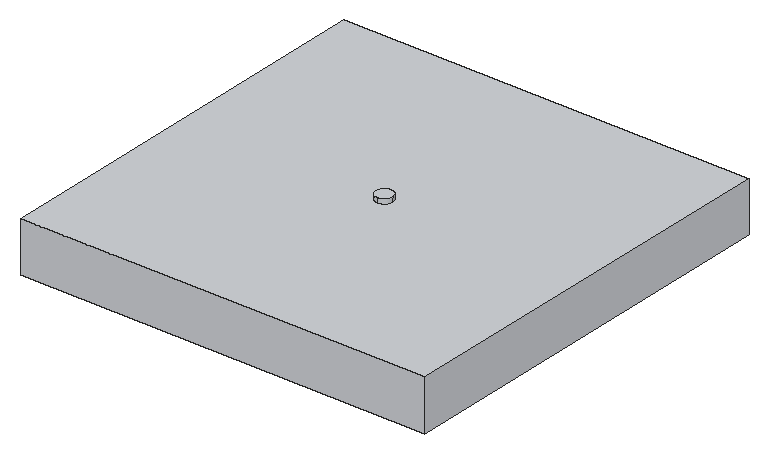
Revit family "M_Conector de tubulação - Sanitário - Equipamento mecânico", category Equipamento mecânico, Revit 2019
Family settings
  Hospedeiro = Face
  Cota do conector redondo = Usar raio
  Tipo de parte = Normal
  Número OmniClass = 23.65.00.00
  Título OmniClass = Supply and Distribution of Liquids and Gases
  ID de item do Seek = Pipe Connector - Sanitary - Mechanical Equipment-0000-CAN-ENU
  Corte com vazios quando carregada = Não
  Compartilhado = Não
  Ponto de cálculo do ambiente = Não
Parameters (values of type "Padrão")
  Espessura [instance] = 25.4 mm
  Raio nominal [instance] = 50 mm
  Fluxo [instance] = 0.63 L/s
  Diâmetro nominal [instance] = Raio nominal * 2  # 100 mm
  Default Elevation = 0 mm
  Assembly Code = ""
Reference planes
  plane 1 "Centro (Frente/Trás)": y = 0
  plane 2: z = 0
  plane 3 "Centro (Esquerda/Direita)": x = 0
Forms (mm)
  Extrusion 1, solid
    sketch origin (0, 0, 0) x (1, 0, 0) y (0, 1, 0)
      loop
        line (-1219.2, 1219.2) -> (-1219.2, -1219.2) -> (1219.2, -1219.2) -> (1219.2, 1219.2) -> (-1219.2, 1219.2)
    from 0 to -304.8
  Sweep 2, solid
    path in 3D
      loop
        line (0, 0, 0) -> (0, 0, 25.4)
    profile "M_Duto - Redondo : Duto - Redondo" origin (0, 0, 12.7) x (0, -1, 0) y (1, 0, 0)
      loop
        arc (-50, 0) -> (-35.355, -35.355) -> (0, -50) r 50
        arc (0, -50) -> (35.355, -35.355) -> (50, 0) r 50
        arc (50, 0) -> (35.355, 35.355) -> (0, 50) r 50
        arc (0, 50) -> (-35.355, 35.355) -> (-50, 0) r 50
Lines and regions (mm)
  reference lines
    curve 1: line (0, 0, 0) -> (0, 0, 25.4)
  sketch lines
    curve 2: line (0, 0, 0) -> (0, 0, 25.4)
Dimensions and locks
  "Espessura": curve 1 to curve 1
  aligned and locked: plane 2 to Extrusion 1
  aligned and locked: level to Extrusion 1
  aligned and locked: Extrusion 1 to curve 1
  aligned and locked: curve 1 to plane 1 "Centro (Frente/Trás)"
Automatic sketch dimensions
  Extrusion 1 sketch curve to Extrusion 1 sketch curve = 2438.4 mm  (x2)
Connectors
  piping at (0, 0, 25.4), diameter 100, driven by "Fluxo", driven by "Raio nominal"
    settings: on Sweep 2, index 1, connector inside diameter 100 mm, connector length 0 mm, flow factor 0, pipe flow 0.63 L/s, pressure drop 0.0 Pa, fitting loss kfactor 0, connector angle 0.00°, fixture units 0, engagement length 0 mm, angle of deflection 0.00°, flow configuration 1, flow direction 2, fitting loss method 0, system type 16, joint type 0, gender type 0, connector reference index -1, connector utility 0, adjustable connector no, is connector primary yes, connector description ""
